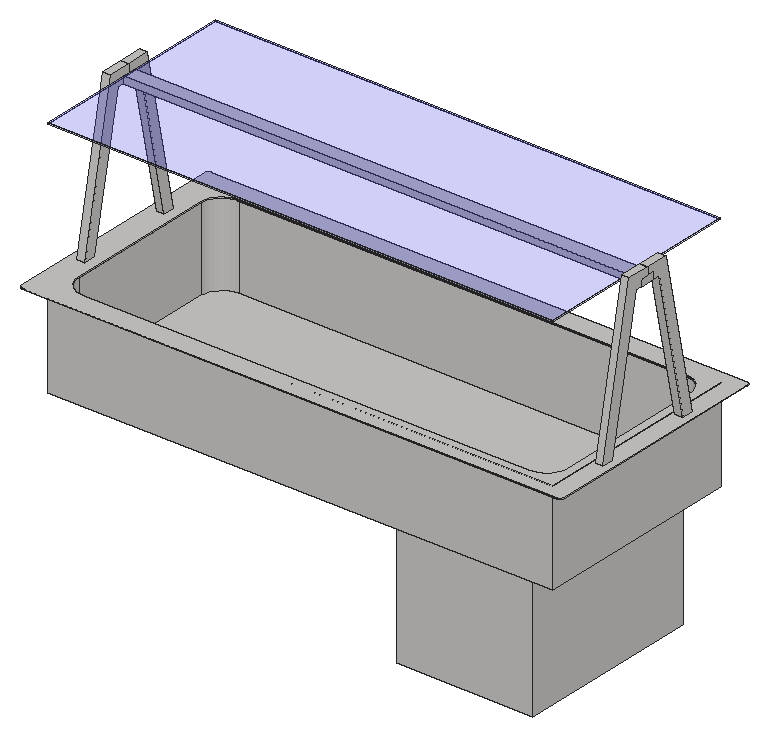
Revit family "QF_ELECTROLUXPROFESSIONAL_341179_D10C4O", category Attrezzature speciali, Revit 2020
Family settings
  Quota connettore circolare = Usa diametro
  Tipo di parte = Normale
  Basato su piano di lavoro = No
  Sempre verticale = Sì
  Taglio con vuoti quando caricato = No
  Condiviso = No
  Punto di calcolo locali = No
Parameters (values of type "Standard")
  Weight = 78.70 kg
  Watts = 0 W
  Volts = 220 V
  URL Manufacturer = "https://www.electroluxprofessional.com/"
  URL = "https://www.electroluxprofessional.com/"
  Steam Supply Size = 0 mm
  Steam Supply Minimum Pressure = 0.0 Pa
  Steam Supply Maximum Pressure = 0.0 Pa
  Steam Consumption per Hour = 0
  Refrigeration Suction Line Size = 0 mm
  Refrigeration Liquid Line Size = 0 mm
  Refrigerant Compressor Remote = yes
  Prospetto di default = 0 mm
  Produttore = "Electrolux Professional"
  Phase = 1
  Modello = "D10C4O"
  Length Actual = 1420 mm  # constant formula
  Item Number = "341179"
  Hot Water Size = 0 mm
  Height Actual = 999 mm  # constant formula
  HP = "0 HP"
  Gas Size = 0 mm
  Gas KW = 0
  Gas Input Pressure = 0 W
  Direct Waste Size = 0 mm
  Descrizione = "DROP-IN REFRIGERATED WELL, STATIC, 4GN WITH A TYPE OVERSHELF AND LED LIGHT"
  Depth Actual = 620 mm  # constant formula
  Cycle = 50 Hz
  Condensate Return Size = 0 mm
  Compressed Air Volume = 0.0 L/s
  Compressed Air Size = 0 mm
  Compressed Air Pressure = 0.0 Pa
  Cold Water Size = 0 mm
  Accessory = yes
Reference planes
  plane 1 "BACK": y = 0
  plane 2: z = 5.426
  plane 3 "LEFT": x = 0
  plane 4: y = -620
  plane 5: x = 1420
  plane 6: z = 409.426
  plane 7: y = -310
  plane 8: x = 710
Forms (mm)
  Extrusion 1, solid, material "QF_Finishes_Stainless Steel"
    sketch origin (0, 0, 5.426) x (1, 0, 0) y (0, 1, 0)
      loop
        arc (10, 0) -> (2.929, -2.929) -> (0, -10) r 10
        line (0, -10) -> (0, -610)
        arc (0, -610) -> (2.929, -617.071) -> (10, -620) r 10
        line (10, -620) -> (1410, -620)
        arc (1410, -620) -> (1417.071, -617.071) -> (1420, -610) r 10
        line (1420, -610) -> (1420, -10)
        arc (1420, -10) -> (1417.071, -2.929) -> (1410, 0) r 10
        line (1410, 0) -> (10, 0)
    from 0 to 1
  Extrusion 2, solid, material "QF_Finishes_Stainless Steel"
    sketch origin (0, 0, 12.548) x (1, 0, 0) y (0, 1, 0)
      loop
        line (50, -35) -> (50, -585) -> (1370, -585) -> (1370, -35) -> (50, -35)
    from -251.122 to -7.122
  Extrusion 3, void
    sketch origin (0, 0, -2.817) x (1, 0, 0) y (0, 1, 0)
      loop
        arc (125, -55) -> (86.109, -71.109) -> (70, -110) r 55
        line (70, -110) -> (70, -510)
        arc (70, -510) -> (86.109, -548.891) -> (125, -565) r 55
        line (125, -565) -> (1295, -565)
        arc (1295, -565) -> (1333.891, -548.891) -> (1350, -510) r 55
        line (1350, -510) -> (1350, -110)
        arc (1350, -110) -> (1333.891, -71.109) -> (1295, -55) r 55
        line (1295, -55) -> (125, -55)
    from -209.107 to 9.244
  Extrusion 4, solid, material "QF_Finishes_Stainless Steel"
    sketch origin (21.5, -620, 0) x (0, -1, 0) y (0, 0, -1)
      loop
        line (-310, -409.426) -> (-250.873, -409.426) -> (-165, -5.426) -> (-195, -5.426) -> (-272.583, -370.426) -> (-310, -370.426) -> (-310, -409.426)
    from 0 to 20
  Extrusion 5, solid, material "QF_Finishes_Stainless Steel"
    sketch origin (21.5, 0, 0) x (0, 1, 0) y (0, 0, 1)
      loop
        line (-310, 409.426) -> (-310, 370.426) -> (-272.583, 370.426) -> (-195, 5.426) -> (-165, 5.426) -> (-250.873, 409.426) -> (-310, 409.426)
    from 0 to 20
  Extrusion 6, solid, material "QF_Finishes_Stainless Steel"
    sketch origin (1398.5, -620, 0) x (0, -1, 0) y (0, 0, 1)
      loop
        line (-310, 409.426) -> (-310, 370.426) -> (-272.583, 370.426) -> (-195, 5.426) -> (-165, 5.426) -> (-250.873, 409.426) -> (-310, 409.426)
    from 0 to 20
  Extrusion 7, solid, material "QF_Finishes_Stainless Steel"
    sketch origin (1398.5, 0, 0) x (0, 1, 0) y (0, 0, -1)
      loop
        line (-310, -409.426) -> (-250.873, -409.426) -> (-165, -5.426) -> (-195, -5.426) -> (-272.583, -370.426) -> (-310, -370.426) -> (-310, -409.426)
    from 0 to 20
  Extrusion 8, solid, material "QF_Finishes_Stainless Steel"
    sketch origin (0, 0, 0) x (0, 1, 0) y (0, 0, 1)
      loop
        line (-291.292, 370.426) -> (-291.292, 387.956) -> (-328.917, 387.956) -> (-328.917, 370.426) -> (-291.292, 370.426)
    from 21.5 to 1398.5
  Extrusion 9, solid, material "Vetro"
    sketch origin (0, 0, 5.426) x (1, 0, 0) y (0, 1, 0)
      loop
        line (50, -35) -> (50, -585) -> (1370, -585) -> (1370, -35) -> (50, -35)
    from 382.529 to 387.529
  Extrusion 10, solid, material "QF_Finishes_Stainless Steel"
    sketch origin (443.657, -622.692, -643.387) x (0, 0, -1) y (0, -1, 0)
      loop
        circle (-372.814, -140.692) r 12.7
    from 5 to 70.307
  Extrusion 11, solid, material "QF_Finishes_Stainless Steel"
    sketch origin (0, 0, 5.426) x (1, 0, 0) y (0, 1, 0)
      loop
        circle (386.025, -481.971) r 12.675
    from -276 to -244
  Extrusion 12, solid, material "QF_Finishes_Stainless Steel"
    sketch origin (1542.74, 95, -304.649) x (0, 1, 0) y (0, 0, -1)
      loop
        line (-161.185, -66.076) -> (-161.185, 268.924) -> (-651.185, 268.924) -> (-651.185, -66.076) -> (-161.185, -66.076)
    from 247.74 to 602.74
Cuts and joins
  Extrusion 3 cuts Extrusion 1
  Extrusion 3 cuts Extrusion 2
Dimensions and locks
  equal spacing: Extrusion 1, Extrusion 2 sketch curve, Extrusion 2 sketch curve, Extrusion 1  (x2)
  Extrusion 1 to Extrusion 1 = 1420 mm
  Extrusion 1 to plane 1 "BACK" = 620 mm
  equal spacing: Extrusion 2, Extrusion 3 sketch curve, Extrusion 3 sketch curve, Extrusion 2  (x2)
  plane 6 to plane 2 = 404 mm
  equal spacing: plane 3 "LEFT", plane 8, plane 5
  Extrusion 5 to plane 8 to Extrusion 7 = 668.5 mm, 668.5 mm
  aligned and locked: level to plane 2
Automatic sketch dimensions
  Extrusion 1 sketch curve to plane 3 "LEFT" = 0 mm
  plane 4 to Extrusion 1 sketch curve = 0 mm
  plane 1 "BACK" to Extrusion 1 sketch curve = 0 mm
  Extrusion 1 sketch curve to plane 5 = 0 mm
  plane 3 "LEFT" to Extrusion 1 sketch curve = 10 mm  (x2)
  plane 5 to Extrusion 1 sketch curve = 10 mm  (x2)
  plane 3 "LEFT" to Extrusion 2 sketch curve = 50 mm
  plane 5 to Extrusion 2 sketch curve = 50 mm
  Extrusion 2 sketch curve to plane 4 = 35 mm
  plane 1 "BACK" to Extrusion 2 sketch curve = 35 mm
  plane 3 "LEFT" to Extrusion 3 sketch curve = 70 mm
  Extrusion 3 sketch curve to Extrusion 3 sketch curve = 55 mm  (x3)
  Extrusion 3 sketch curve to plane 4 = 55 mm
  plane 5 to Extrusion 3 sketch curve = 125 mm  (x2)
  plane 1 "BACK" to Extrusion 3 sketch curve = 110 mm
  Extrusion 4 sketch curve to plane 7 = 0 mm
  plane 6 to Extrusion 4 sketch curve = 0 mm
  Extrusion 4 sketch curve to level = 0 mm
  Extrusion 4 sketch curve to Extrusion 4 sketch curve = 37.417 mm
  Extrusion 4 sketch curve to Extrusion 4 sketch curve = 21.71 mm
  plane 7 to Extrusion 4 sketch curve = 115 mm
  Extrusion 4 sketch curve to Extrusion 4 sketch curve = 30 mm
  Extrusion 4 sketch curve to Extrusion 4 sketch curve = 39 mm
  Extrusion 5 sketch curve to plane 7 = 0 mm
  plane 6 to Extrusion 5 sketch curve = 0 mm
  Extrusion 5 sketch curve to level = 0 mm
  Extrusion 5 sketch curve to Extrusion 5 sketch curve = 37.417 mm
  Extrusion 5 sketch curve to Extrusion 5 sketch curve = 21.71 mm
  plane 7 to Extrusion 5 sketch curve = 115 mm
  Extrusion 5 sketch curve to Extrusion 5 sketch curve = 30 mm
  Extrusion 5 sketch curve to Extrusion 5 sketch curve = 39 mm
  Extrusion 6 sketch curve to plane 7 = 0 mm
  plane 6 to Extrusion 6 sketch curve = 0 mm
  Extrusion 6 sketch curve to level = 0 mm
  Extrusion 6 sketch curve to Extrusion 6 sketch curve = 37.417 mm
  Extrusion 6 sketch curve to Extrusion 6 sketch curve = 21.71 mm
  Extrusion 6 sketch curve to plane 7 = 115 mm
  Extrusion 6 sketch curve to Extrusion 6 sketch curve = 30 mm
  Extrusion 6 sketch curve to Extrusion 6 sketch curve = 39 mm
  Extrusion 7 sketch curve to plane 7 = 0 mm
  plane 6 to Extrusion 7 sketch curve = 0 mm
  Extrusion 7 sketch curve to level = 0 mm
  Extrusion 7 sketch curve to Extrusion 7 sketch curve = 37.417 mm
  Extrusion 7 sketch curve to Extrusion 7 sketch curve = 21.71 mm
  plane 7 to Extrusion 7 sketch curve = 115 mm
  Extrusion 7 sketch curve to Extrusion 7 sketch curve = 30 mm
  Extrusion 7 sketch curve to Extrusion 7 sketch curve = 39 mm
  Extrusion 8 sketch curve to plane 7 = 18.917 mm
  plane 7 to Extrusion 8 sketch curve = 18.708 mm
  plane 6 to Extrusion 8 sketch curve = 39 mm
  Extrusion 8 sketch curve to Extrusion 8 sketch curve = 17.529 mm
  plane 3 "LEFT" to Extrusion 9 sketch curve = 50 mm
  plane 5 to Extrusion 9 sketch curve = 50 mm
  Extrusion 9 sketch curve to plane 4 = 35 mm
  plane 1 "BACK" to Extrusion 9 sketch curve = 35 mm
  Extrusion 11 sketch curve to plane 4 = 138.029 mm
  Extrusion 11 sketch curve to plane 8 = 323.975 mm
  Extrusion 12 sketch curve to plane 7 = 246.185 mm
  plane 7 to Extrusion 12 sketch curve = 243.815 mm
  Extrusion 12 sketch curve to level = 244 mm
  Extrusion 12 sketch curve to Extrusion 12 sketch curve = 335 mm
  Extrusion 10 sketch curve to level = 276 mm
  Extrusion 10 sketch curve to plane 4 = 138 mm
  radius of Extrusion 11 sketch curve = 12.675 mm
  radius of Extrusion 10 sketch curve = 12.7 mm
Connectors
  piping at (438.657, -482, -270.574), diameter 25.4
    settings: on Extrusion 10, index 5, connector inside diameter 609.6 mm, connector length 0 mm, flow factor 0, pipe flow 0.0 L/s, pressure drop 0.0 Pa, fitting loss kfactor 0, connector angle 0.00°, fixture units 0, engagement length 0 mm, angle of deflection 0.00°, flow configuration 0, flow direction 0, fitting loss method 0, system type 29, joint type 0, gender type 0, connector reference index -1, connector utility 0, adjustable connector no, is connector primary yes, connector description "D"
